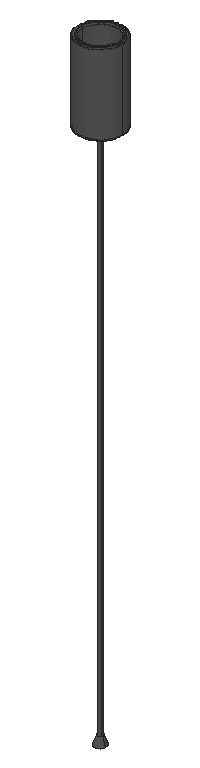
Revit family "CARLO CYLINDER LIGHT Pendant_ Surface", category Lighting Fixtures, host Face, Revit 2020 (continued)
Types (13): name | Wattage_Input | Wattage Comments | Wattage | built-in parameter 1150134 | Size 08 | Size 04 | Photometric Web File | built-in parameter 1150142 | Model | built-in parameter 1150105 | Lumens | built-in parameter 1150107 | built-in parameter 1150106 | Fixture Height | Fixture Diameter | BEAMING ANGLE | Apparent Load
    73.139 80.68 87.751 94.488 101.08 107.11 112.19 116.42 119.77 \r\n 122.24 123.64 124.53 125.44 126.23 126.93 127.63 128.45 129.31 130.12 \r\n 130.98 131.95 132.99 134.11 135.27 136.42 137.66 139.07 140.68 142.6 \r\n 144.79 147.23 150 153.15 156.8 161.09 166.04 171.63 178.19 186.04 \r\n 195.28 205.95 218.5 233.26 250.68 271.32 295.12 322.2 352.5 386.03 \r\n 422.74 462.83 505.44 549.77 595.75 643.08 691.67 741.34 792.07 844.13 \r\n 896.48 948.33 999.33 1049.3 1097 1140.8 1181.3 1218 1251.4 1281.4 \r\n 1308.5 1333.1 1356.3 1380 1402 1421 1436.6 1448.6 1455.6 1456 \r\n 1452.3 \r\n1448.4 1456 1456 1451.3 1441.7 1426.3 1407.3 1386.6 1363.5 1337.9 \r\n 1310.2 1281.3 1250.1 1215.3 1177.4 1135.9 1092 1046.6 999.85 952.51 \r\n 904.03 853.84 802.76 750.93 699.78 651 603.85 558.02 513.88 471.54 \r\n 431.49 394.17 359.79 328.11 300.89 281.41 264.9 247.25 229.8 211.5 \r\n 195.36 185.05 177.51 170.81 165.25 160.52 156.5 153 149.97 147.32 \r\n 145.01 143.01 141.3 139.92 138.71 137.46 136.28 135.23 134.21 133.07 \r\n 131.92 130.81 129.71 128.58 127.48 126.51 125.5 124.32 123.07 121.93 \r\n 120.58 118.92 116.4 112.23 106.99 100.9 94.224 87.299 80.066 72.478 \r\n 64.835 57.456 50.228 43.115 36.207 29.443 23.239 17.886 13.687 11.337 \r\n 9.9411 8.8391 8.0238 7.246 6.5721 5.9734 5.4859 5.1658 4.9242 4.6866 \r\n 4.4667 4.2496 4.0466 3.8636 3.7028 3.577 3.4606 3.3277 3.1915 3.0548 \r\n 2.9235 2.8133 2.6979 2.5463 2.3892 2.251 2.1196 1.9986 1.8657 1.6813 \r\n 1.5008 1.3839 1.2785 1.1426 1.0051 0.88013 0.76984 0.68781 0.61386 0.52528 \r\n 0.44328 0.38432 0.34002 0.30937 0.28673 0.26587 0.24756 0.23013 0.216 0.20964 \r\n 0.20327 0.18716 0.17164 0.16671 0.16372 0.1564 0.14759 0.13741 0.1277 0.12104 \r\n 0.11536 0.10961 0.10338 0.094869 0.087298 0.084611 0.082842 0.079173 0.074109 0.067683 \r\n 0.058486 0.042614 0.027583 0.022159 0.01869 0.010605 0.0034311 0.0016456 0.0018264 0.0021057 \r\n 0.0022984 0.0011787 0 0 0 0 0 0 0 0 \r\n 0 0 0 0 0 0 0.000065 0.0030635 0.0073723 0.012442 \r\n 0.017919 0.023166 0.02849 0.03428 0.039656 0.04297 0.046919 0.054659 0.063174 0.069657 \r\n 0.076644 0.086707 0.096927 0.10488 0.11167 0.11734 0.1227 0.12832 0.13497 0.14509 \r\n 0.15434 0.15704 0.15975 0.16899 0.17911 0.18556 0.1915 0.19817 0.20687 0.2211 \r\n 0.2354 0.24359 0.25131 0.26241 0.27604 0.29313 0.31558 0.34708 0.38326 0.41562 \r\n 0.46029 0.53588 0.62641 0.72377 0.82289 0.90623 1.0032 1.153 1.3084 1.424 \r\n 1.5341 1.6588 1.7956 1.9576 2.1176 2.2417 2.3631 2.511 2.6651 2.8168 \r\n 2.9603 3.0793 3.1974 3.3361 3.4862 3.6488 3.815 3.9645 4.1319 4.3588 \r\n 4.6045 4.8003 5.0716 5.5118 6.1492 7.0896 8.1945 9.3703 10.588 11.728 \r\n 12.968 14.22 16.16 19.539 24.039 29.762 36.198 42.792 49.778 57.318 \r\n 65.074 72.806 80.372 87.526 94.34 100.9 106.91 112.13 116.51 119.9 \r\n 122.38 123.81 124.73 125.65 126.45 127.16 127.86 128.7 129.58 130.42 \r\n 131.29 132.24 133.27 134.39 135.56 136.7 137.93 139.33 140.95 142.86 \r\n 145.05 147.49 150.27 153.44 157.13 161.44 166.42 172.05 178.66 186.57 \r\n 195.85 206.47 219.06 234.28 252 272.11 295.27 322.19 352.51 386.17 \r\n 422.96 462.9 505.35 549.82 595.94 643.1 691.48 741.05 791.72 843.69 \r\n 896.04 948.08 999.29 1049.3 1097 1140.8 1181.2 1217.9 1251.1 1280.8 \r\n 1307.6 1332 1355.1 1378.7 1400.7 1419.6 1435.2 1447.5 1454.9 1455.5 \r\n 1452.3 \r\n1448.4 1455.8 1455.3 1449.9 1439.7 1424.2 1405.1 1384.3 1361.1 1335.5 \r\n 1307.7 1278.7 1247.1 1211.4 1172.5 1131 1087.2 1041.8 994.93 947.39 \r\n 898.77 848.68 797.83 746.4 695.55 646.62 599.3 553.73 509.97 468 \r\n 428.3 391.31 357.19 325.82 298.62 278.26 260.92 243.34 226.45 209.29 \r\n 194.24 184.16 176.61 170.02 164.56 159.89 155.93 152.51 149.57 146.98 \r\n 144.72 142.75 141.07 139.73 138.55 137.34 136.18 135.12 134.07 132.9 \r\n 131.72 130.59 129.48 128.34 127.23 126.24 125.22 123.98 122.66 121.46 \r\n 120.05 118.43 115.92 111.58 106.16 100.09 93.509 86.701 79.618 72.224 \r\n 64.762 57.477 50.325 43.328 36.535 29.856 23.727 18.462 14.336 12.02 \r\n 10.632 9.515 8.6593 7.8096 7.0417 6.3263 5.7236 5.3135 5.0074 4.746 \r\n 4.5213 4.302 4.0993 3.913 3.7462 3.6082 3.4795 3.3395 3.1995 3.0638 \r\n 2.9334 2.8174 2.6958 2.5419 2.3849 2.2509 2.1226 1.9959 1.8575 1.6769 \r\n 1.5022 1.3889 1.2853 1.1465 1.007 0.88765 0.7834 0.70168 0.62596 0.53458 \r\n 0.45027 0.39235 0.34938 0.31731 0.2932 0.27322 0.25597 0.23938 0.22565 0.21854 \r\n 0.2114 0.19578 0.18091 0.17591 0.1727 0.16528 0.15647 0.14659 0.13709 0.13 \r\n 0.12385 0.11811 0.11198 0.10344 0.095644 0.092333 0.089767 0.08512 0.079399 0.073265 \r\n 0.06493 0.050712 0.036952 0.030668 0.02616 0.018938 0.01239 0.0087737 0.0069922 0.0076033 \r\n 0.0079015 0.0040076 0 0 0 0 0 0 0 0 \r\n 0 0 0 0 0 0 0.000049 0.0023446 0.005556 0.009116 \r\n 0.012928 0.016573 0.020452 0.025178 0.029699 0.032176 0.035573 0.043207 0.052168 0.060155 \r\n 0.068653 0.079278 0.089325 0.095988 0.10119 0.10563 0.11019 0.11607 0.12306 0.13226 \r\n 0.14092 0.14527 0.1496 0.15818 0.16734 0.17419 0.1806 0.18666 0.19471 0.20923 \r\n 0.22395 0.23201 0.23964 0.25132 0.26544 0.28179 0.30313 0.33354 0.3689 0.40113 \r\n 0.44619 0.52294 0.61462 0.71188 0.81143 0.89777 0.99813 1.1504 1.307 1.42 \r\n 1.5284 1.6581 1.7998 1.9601 2.1162 2.2352 2.3539 2.5079 2.6689 2.8203 \r\n 2.962 3.0806 3.1997 3.3424 3.4965 3.6589 3.8247 3.9773 4.1479 4.3752 \r\n 4.6192 4.8111 5.0749 5.4961 6.1218 7.0831 8.2137 9.393 10.615 11.779 \r\n 13.05 14.345 16.313 19.668 24.119 29.773 36.15 42.759 49.734 57.11 \r\n 64.699 72.385 79.986 87.306 94.275 100.79 106.75 112.11 116.65 120.08 \r\n 122.56 123.99 124.91 125.86 126.7 127.43 128.16 129.02 129.92 130.79 \r\n 131.68 132.62 133.62 134.75 135.93 137.04 138.24 139.63 141.24 143.14 \r\n 145.31 147.74 150.53 153.74 157.46 161.79 166.8 172.5 179.19 187.15 \r\n 196.47 207.07 219.78 235.72 253.94 273.3 295.53 322.23 352.59 386.48 \r\n 423.47 463.1 505.26 549.96 596.31 643.18 691.21 740.77 791.48 843.32 \r\n 895.58 947.82 999.23 1049.2 1096.7 1140.5 1180.9 1217.7 1250.8 1279.9 \r\n 1306.2 1330.5 1353.7 1377.4 1399.5 1418.2 1433.7 1446.3 1454.1 1454.9 \r\n 1452.3 \r\n1448.4 1455.6 1454.4 1448.2 1437.3 1421.7 1402.6 1381.6 1358.3 1332.6 \r\n 1304.9 1275.9 1244 1207.2 1167.3 1125.6 1082 1036.5 989.49 941.63 \r\n 892.75 842.71 792.07 741.07 690.58 641.5 594.03 548.72 505.36 463.8 \r\n 424.51 387.86 354.05 323.06 295.9 274.5 256.13 238.59 222.35 206.61 \r\n 192.92 183.14 175.57 169.12 163.76 159.15 155.25 151.93 149.09 146.55 \r\n 144.34 142.41 140.76 139.46 138.31 137.14 136.01 134.94 133.86 132.66 \r\n 131.45 130.32 129.22 128.08 126.97 125.98 124.93 123.64 122.26 121 \r\n 119.55 117.94 115.4 110.87 105.29 99.244 92.756 86.056 79.113 71.917 \r\n 64.644 57.459 50.389 43.51 36.832 30.232 24.185 19.054 15.05 12.792 \r\n 11.42 10.287 9.3807 8.4405 7.5581 6.7112 5.981 5.4701 5.0921 4.8061 \r\n 4.578 4.3559 4.1527 3.9635 3.7907 3.6396 3.4972 3.3497 3.206 3.0719 \r\n 2.9427 2.8201 2.6912 2.5341 2.3768 2.2477 2.1232 1.9899 1.8455 1.6706 \r\n 1.5038 1.3943 1.2919 1.1492 1.0068 0.89403 0.79687 0.71482 0.63652 0.54263 \r\n 0.45662 0.40042 0.3593 0.32582 0.3001 0.28099 0.26486 0.24942 0.23636 0.2283 \r\n 0.22021 0.20545 0.19157 0.18622 0.18242 0.17487 0.16615 0.15678 0.14767 0.14011 \r\n 0.1334 0.12763 0.12158 0.1131 0.10512 0.10094 0.097293 0.091507 0.085027 0.079084 \r\n 0.071655 0.059551 0.047515 0.040348 0.034696 0.028475 0.022675 0.017143 0.013216 0.013914 \r\n 0.014039 0.0070707 0 0 0 0 0 0 0 0 \r\n 0 0 0 0 0 0 0.000031 0.0015226 0.0035435 0.0056112 \r\n 0.0078074 0.0098939 0.012348 0.015931 0.019549 0.021361 0.024357 0.031776 0.041032 0.050522 \r\n 0.060528 0.071593 0.081328 0.086618 0.090187 0.093398 0.097218 0.10353 0.11095 0.11902 \r\n 0.12692 0.1332 0.13945 0.14723 0.15524 0.16254 0.1695 0.17512 0.18262 0.19714 \r\n 0.21198 0.21997 0.22763 0.23985 0.25438 0.26994 0.29002 0.31886 0.35296 0.38517 \r\n 0.43071 0.50806 0.60028 0.69712 0.79701 0.88673 0.99093 1.1457 1.3035 1.4144 \r\n 1.5214 1.6564 1.8028 1.9608 2.1123 2.2259 2.3419 2.5026 2.6709 2.822 \r\n 2.9618 3.0801 3.2002 3.3471 3.5049 3.6662 3.8306 3.9862 4.1596 4.3864 \r\n 4.6275 4.8157 5.0711 5.4692 6.0755 7.0429 8.1845 9.3599 10.583 11.768 \r\n 13.069 14.401 16.384 19.69 24.069 29.655 35.977 42.598 49.553 56.74 \r\n 64.137 71.763 79.396 86.894 94.036 100.51 106.44 111.97 116.69 120.18 \r\n 122.68 124.12 125.04 126.03 126.91 127.68 128.45 129.33 130.25 131.14 \r\n 132.05 132.98 133.97 135.1 136.28 137.36 138.53 139.91 141.5 143.37 \r\n 145.52 147.94 150.74 153.97 157.72 162.05 167.07 172.85 179.62 187.6 \r\n 196.93 207.5 220.33 236.96 255.66 274.24 295.51 321.94 352.29 386.4 \r\n 423.55 462.82 504.62 549.54 596.1 642.65 690.3 739.86 790.61 842.27 \r\n 894.39 946.79 998.37 1048.2 1095.5 1139.5 1180 1216.8 1249.8 1278.4 \r\n 1304.1 1328.5 1351.8 1375.8 1398 1416.6 1432 1445 1453.1 1454.2 \r\n 1452.3 \r\n1448.4 1455.2 1453.5 1446.5 1434.9 1419.2 1400.1 1378.8 1355.3 1329.7 \r\n 1302.1 1273.1 1240.9 1203.1 1162.2 1120.5 1076.9 1031.2 984.04 935.79 \r\n 886.6 836.57 786.13 735.53 685.4 636.22 588.61 543.54 500.56 459.4 \r\n 420.52 384.22 350.72 320.13 293.04 270.58 251.19 233.63 218 203.76 \r\n 191.53 182.09 174.52 168.19 162.94 158.39 154.55 151.33 148.58 146.1 \r\n 143.93 142.04 140.43 139.15 138.02 136.9 135.81 134.73 133.62 132.4 \r\n 131.17 130.05 128.96 127.84 126.74 125.74 124.68 123.35 121.92 120.61 \r\n 119.12 117.49 114.9 110.18 104.44 98.418 92.018 85.398 78.567 71.544 \r\n 64.443 57.355 50.365 43.596 37.026 30.497 24.532 19.558 15.704 13.516 \r\n 12.169 11.024 10.067 9.034 8.0365 7.0645 6.2151 5.6096 5.1648 4.8575 \r\n 4.6279 4.4032 4.1994 4.008 3.8302 3.6668 3.5119 3.3575 3.2105 3.0782 \r\n 2.9505 2.8216 2.6853 2.5245 2.3664 2.2422 2.1216 1.9817 1.8317 1.6632 \r\n 1.5051 1.3991 1.2973 1.1504 1.0048 0.89848 0.80824 0.72528 0.64404 0.54818 \r\n 0.46119 0.40704 0.36798 0.33323 0.30593 0.28751 0.27241 0.25828 0.24606 0.23697 \r\n 0.22788 0.21421 0.2015 0.1956 0.19097 0.1833 0.17477 0.16606 0.15745 0.14948 \r\n 0.14219 0.13633 0.13033 0.12202 0.11395 0.10882 0.10396 0.097011 0.089749 0.083852 \r\n 0.077238 0.067395 0.057283 0.049333 0.042616 0.037475 0.032521 0.025279 0.019348 0.019949 \r\n 0.019741 0.0099493 0.000097 0 0 0 0 0 0 0 \r\n 0 0 0 0 0 0 0.000014 0.00070519 0.0016023 0.0024112 \r\n 0.0032627 0.0039976 0.0051918 0.0077206 0.010528 0.011911 0.014684 0.021787 0.031136 0.041933 \r\n 0.053252 0.064558 0.07387 0.077904 0.080025 0.08214 0.085333 0.092179 0.1001 0.10698 \r\n 0.11406 0.12228 0.13049 0.13748 0.14431 0.15201 0.15954 0.1649 0.17196 0.1862 \r\n 0.20086 0.20886 0.21668 0.22933 0.24415 0.25898 0.27781 0.30477 0.33734 0.36976 \r\n 0.4159 0.49319 0.58519 0.68134 0.7815 0.87473 0.9828 1.1394 1.2978 1.4076 \r\n 1.5143 1.6539 1.8042 1.9597 2.1067 2.2154 2.329 2.4957 2.6708 2.8219 \r\n 2.9602 3.0785 3.1996 3.3501 3.511 3.6704 3.8325 3.9901 4.1651 4.3897 \r\n 4.6266 4.8119 5.0583 5.4296 6.0075 6.9607 8.0919 9.2514 10.466 11.669 \r\n 12.992 14.346 16.325 19.558 23.845 29.357 35.619 42.229 49.143 56.136 \r\n 63.341 70.901 78.558 86.217 93.525 100 105.93 111.64 116.57 120.14 \r\n 122.69 124.16 125.11 126.14 127.08 127.89 128.69 129.59 130.52 131.44 \r\n 132.36 133.29 134.28 135.42 136.58 137.64 138.78 140.13 141.71 143.54 \r\n 145.66 148.07 150.86 154.11 157.87 162.19 167.21 173.04 179.86 187.84 \r\n 197.16 207.69 220.59 237.79 256.84 274.69 295.06 321.17 351.45 385.71 \r\n 422.96 461.83 503.24 548.3 595.02 641.25 688.54 738.07 788.84 840.27 \r\n 892.19 944.71 996.42 1046.1 1093.3 1137.4 1178.2 1215.1 1248.1 1276.2 \r\n 1301.6 1325.9 1349.4 1373.6 1396.1 1414.6 1430.1 1443.4 1452 1453.5 \r\n 1452.3 \r\n1448.4 1454.8 1452.4 1444.7 1432.6 1416.7 1397.7 1376.2 1352.5 1327 \r\n 1299.5 1270.6 1238.2 1199.5 1157.8 1115.9 1072.4 1026.6 979.12 930.47 \r\n 880.94 830.89 780.61 730.38 680.57 631.31 583.63 538.76 496.09 455.28 \r\n 416.76 380.77 347.55 317.34 290.33 267.01 246.74 229.08 213.92 201.06 \r\n 190.22 181.11 173.53 167.32 162.17 157.69 153.9 150.77 148.11 145.68 \r\n 143.54 141.69 140.11 138.84 137.74 136.66 135.61 134.52 133.39 132.16 \r\n 130.93 129.82 128.75 127.66 126.57 125.59 124.52 123.15 121.69 120.34 \r\n 118.8 117.13 114.46 109.58 103.7 97.684 91.344 84.765 77.996 71.095 \r\n 64.122 57.116 50.201 43.525 37.044 30.574 24.684 19.868 16.168 14.056 \r\n 12.741 11.592 10.595 9.4854 8.3922 7.3229 6.3825 5.7059 5.2118 4.8906 \r\n 4.6621 4.436 4.2319 4.0394 3.8585 3.686 3.5215 3.362 3.2126 3.082 \r\n 2.9555 2.8216 2.6792 2.5148 2.3552 2.235 2.1178 1.9726 1.8179 1.6558 \r\n 1.5055 1.4022 1.3006 1.1497 1.0013 0.90021 0.8155 0.73115 0.647 0.54998 \r\n 0.46286 0.41074 0.37358 0.33784 0.30919 0.29115 0.27678 0.26395 0.25265 0.2426 \r\n 0.23257 0.22007 0.20857 0.20201 0.19646 0.18871 0.18048 0.17247 0.16445 0.15619 \r\n 0.14842 0.14239 0.13635 0.12836 0.12037 0.11434 0.1083 0.10031 0.092319 0.086287 \r\n 0.080254 0.072508 0.064268 0.055759 0.048239 0.044195 0.040164 0.031708 0.024237 0.024626 \r\n 0.024038 0.012168 0.00028763 0 0 0 0 0 0 0 \r\n 0 0 0 0 0 0 0 0 0 0 \r\n 0 0 0 0.0017286 0.0039581 0.0052161 0.0079653 0.014663 0.023853 0.035566 \r\n 0.047804 0.05908 0.067885 0.070982 0.07207 0.073341 0.076077 0.083524 0.091979 0.09776 \r\n 0.10404 0.11399 0.12394 0.13025 0.13606 0.14406 0.15204 0.15734 0.16411 0.17779 \r\n 0.19198 0.20006 0.20814 0.22111 0.23606 0.25032 0.26807 0.293 0.32391 0.35688 \r\n 0.4038 0.48101 0.57119 0.66641 0.76673 0.86336 0.97495 1.132 1.2902 1.4002 \r\n 1.5078 1.6506 1.8034 1.9565 2.0999 2.2051 2.3172 2.4883 2.6683 2.8198 \r\n 2.9576 3.0764 3.1985 3.3517 3.5143 3.6711 3.83 3.9877 4.1624 4.3825 \r\n 4.6137 4.7975 5.0349 5.3758 5.9149 6.828 7.9213 9.0479 10.242 11.454 \r\n 12.788 14.139 16.086 19.225 23.404 28.829 35.015 41.575 48.414 55.227 \r\n 62.26 69.756 77.423 85.201 92.646 99.16 105.15 111.07 116.22 119.93 \r\n 122.57 124.09 125.09 126.18 127.18 128.04 128.87 129.78 130.72 131.65 \r\n 132.59 133.53 134.52 135.66 136.81 137.84 138.95 140.29 141.85 143.64 \r\n 145.72 148.1 150.89 154.13 157.89 162.17 167.17 173.02 179.86 187.8 \r\n 197.08 207.54 220.44 237.97 257.18 274.42 294.04 319.81 349.9 384.19 \r\n 421.43 459.89 500.9 546 592.78 638.73 685.71 735.17 785.88 837.04 \r\n 888.72 941.29 993.1 1042.7 1089.9 1134.2 1175.2 1212.4 1245.6 1273.3 \r\n 1298.4 1322.8 1346.5 1370.9 1393.6 1412.3 1427.8 1441.5 1450.7 1452.7 \r\n 1452.3 \r\n1448.4 1454 1451.4 1443.6 1431.5 1415.7 1396.8 1375.4 1351.8 1326.7 \r\n 1299.5 1270.7 1238.4 1199.7 1157.9 1116 1072.4 1026.4 978.88 930.06 \r\n 880.4 830.34 780.09 729.86 680.07 630.92 583.33 538.42 495.68 454.84 \r\n 416.3 380.3 347.09 316.85 289.91 267.07 247.12 228.87 213.07 200.37 \r\n 189.85 180.8 173.24 167.06 161.93 157.48 153.73 150.63 147.99 145.57 \r\n 143.44 141.62 140.07 138.77 137.65 136.61 135.6 134.52 133.4 132.21 \r\n 131.03 129.95 128.89 127.81 126.76 125.79 124.74 123.39 121.92 120.57 \r\n 119 117.26 114.51 109.54 103.57 97.489 91.069 84.335 77.398 70.347 \r\n 63.276 56.298 49.44 42.764 36.278 29.829 23.964 19.158 15.47 13.383 \r\n 12.101 10.997 10.053 8.992 7.9596 6.9805 6.1368 5.55 5.1266 4.8324 \r\n 4.6118 4.3919 4.1911 4.0033 3.8283 3.6656 3.5106 3.3561 3.2089 3.0771 \r\n 2.9495 2.8198 2.6813 2.5147 2.3514 2.2284 2.1101 1.9682 1.817 1.654 \r\n 1.5018 1.3972 1.2947 1.145 0.99688 0.89163 0.8023 0.7162 0.63185 0.53646 \r\n 0.45124 0.39938 0.36205 0.32639 0.29756 0.2783 0.26301 0.2507 0.24013 0.22983 \r\n 0.21952 0.20752 0.19646 0.1894 0.18334 0.17594 0.16833 0.16091 0.15347 0.14571 \r\n 0.1382 0.1317 0.12533 0.1182 0.11112 0.10502 0.098644 0.090521 0.082236 0.075273 \r\n 0.068464 0.060934 0.053297 0.045404 0.038674 0.035642 0.032808 0.025906 0.01977 0.020319 \r\n 0.020024 0.010163 0.00023967 0 0 0 0 0 0 0 \r\n 0 0 0 0 0 0 0.000005 0.000094 0.00058688 0.0021581 \r\n 0.0038227 0.0043372 0.0051514 0.0076934 0.010785 0.013106 0.016506 0.022616 0.030773 0.041607 \r\n 0.052874 0.06273 0.070608 0.074577 0.076886 0.078427 0.081335 0.089492 0.098551 0.1042 \r\n 0.11021 0.12019 0.13026 0.13682 0.14278 0.1504 0.15802 0.16364 0.17055 0.18298 \r\n 0.19597 0.20433 0.21295 0.22579 0.24042 0.2553 0.27329 0.29621 0.32563 0.36123 \r\n 0.41037 0.48388 0.57095 0.66428 0.76409 0.86351 0.9765 1.1262 1.2782 1.3944 \r\n 1.5088 1.648 1.7957 1.9488 2.0941 2.2038 2.3186 2.4838 2.6581 2.8127 \r\n 2.9556 3.0774 3.2008 3.3521 3.5108 3.6631 3.8155 3.963 4.1255 4.331 \r\n 4.5501 4.7392 4.9694 5.2668 5.7233 6.4842 7.4156 8.4261 9.5331 10.707 \r\n 11.996 13.229 15.038 18.058 22.11 27.395 33.403 39.675 46.257 53.005 \r\n 60.034 67.503 75.132 82.784 90.182 96.919 10
